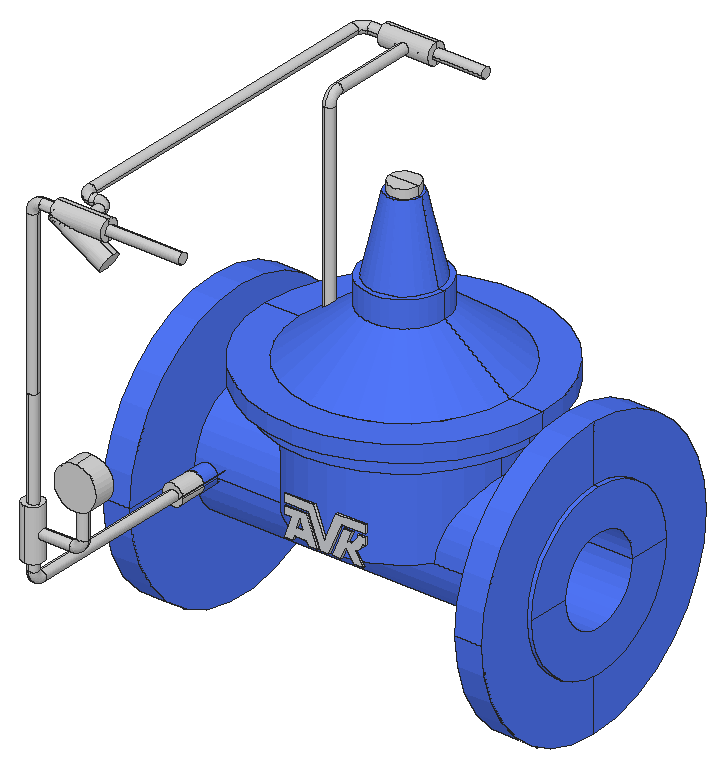
Revit family "879-106X99-001-DN50-250", category Pipe Accessories, Revit 2019
Family settings
  Round Connector Dimension = Use Diameter
  Part Type = Valve - Breaks Into
  Work Plane-Based = No
  Always vertical = Yes
  Cut with Voids When Loaded = No
  Shared = No
Parameters (values of type "879-0050-10-14400629999_DN50_PN10/16")
  W_Ref = W - Profile_Dia_2  # 246 mm
  W = size_lookup(Search_Table, "W", 0 mm, (DN))  # 252 mm
  URL product pages = "https://www.avkvalves.com/P.aspx?no=87900501014400609999"
  Top_Profile_Ref = Top_Profile + 5 mm  # 111.154 mm
  Top_Profile = Bolt_support_2 * 1.2  # 106.154 mm
  T_Height_Ref_2 = T_Height / 6  # 10.083 mm
  T_Height_Ref_1 = T_Height / 7  # 8.643 mm
  T_Height_2 = T_Height - T_Height_Ref_1  # 51.857 mm
  T_Height = H3_Ref - (Profile1_Height + Profile_height ref + D3)  # 60.5 mm
  Search_Table = "879-106X99-001-DN50-250"
  Profile_height ref = (Fillet_Length) + 35 mm  # 41 mm
  P_lenght = Pilot_Dia_2 * 1.1  # 33 mm
  PR_1 = (T_Height_Ref_2 / 2) + T_Height_Ref_1  # 13.685 mm
  PG_height_1 = (Profile1_Height + Profile_height ref + PR_1 + (PG_Dia / 2))  # 167.235 mm
  PG_height = (Profile1_Height + Profile_height ref + PR_1 + PG_Dia)  # 179.785 mm
  H = size_lookup(Search_Table, "H3", 0 mm, (DN))  # 290 mm
  Fillet_Length_Ref = Fillet_Length * 2 + Profile_Dia_2  # 18 mm
  D1 = size_lookup(Search_Table, "D1", 0 mm, (DN)) / 2  # 49.5 mm
  Profile_Dia_3 = Profile_Dia_2 * 2  # 12 mm
  Profile_Dia_2 = (Profile_Dia * 2) / 2  # 6 mm
  Profile_Dia = if(DN > 599 mm, 30 mm, if(DN > 499 mm, 25 mm, if(DN > 399 mm, 20 mm, if(DN > 349 mm, 15 mm, if(DN > 199 mm, 10 mm, if(DN > 149 mm, 8 mm, if(DN > 60 mm, 6 mm, 6 mm)))))))  # 6 mm
  Profile1_Length_2 = Profile1_Length / 1.5  # 14.865 mm
  Profile1_Length = D3 / 3.7  # 22.297 mm
  Profile1_Height = size_lookup(Search_Table, "Profile1_Height", 0 mm, (DN)) - 35 mm  # 100 mm
  Pilot_top_ref = (H3_Ref - (D3 + Body_Height_1 + Body_Height_3 + Body_Height_4 + 20 mm)) / 2  # 17.625 mm
  Pilot_top_1 = (Body_Height_1 + Body_Height_3 + Body_Height_4 + 10 mm + Pilot_top_ref)  # 173.875 mm
  Pilot_Dia_5 = Pilot_Dia_4 / 1.5  # 3.333 mm
  Pilot_Dia_4 = Pilot_Dia_3 / 2  # 5 mm
  Pilot_Dia_3 = Pilot_Dia_1 / 1.5  # 10 mm
  Pilot_Dia_2 = Pilot_Dia_1 * 2  # 30 mm
  Pilot_Dia_1 = size_lookup(Search_Table, "Pilot_Dia_1", 0 mm, (DN)) / 2  # 15 mm
  PG_ref = Body_wall_thickness + ID  # 35.1 mm
  PG_depth = Profile_Dia * 1.4  # 8.4 mm
  PG_Ref = Body_Height_1 / 1.5  # 38.333 mm
  PG_Dia = if(DN > 149 mm, ID / 1.5, if(DN > 299 mm, ID / 1, ID / 1))  # 25.1 mm
  L = size_lookup(Search_Table, "L", 0 mm, (DN))  # 230 mm
  ID = DN / 2  # 25.1 mm
  H3_Ref = size_lookup(Search_Table, "H3", 0 mm, (DN)) - Profile_Dia_2  # 284 mm
  Flange_thickness = size_lookup(Search_Table, "Flange_Thickness", 0 mm, (DN))  # 19 mm
  Fillet_Length = if(DN > 599 mm, 30 mm, if(DN > 499 mm, 25 mm, if(DN > 399 mm, 20 mm, if(DN > 349 mm, 15 mm, if(DN > 199 mm, 10 mm, if(DN > 149 mm, 8 mm, if(DN > 60 mm, 6 mm, 6 mm)))))))  # 6 mm
  D3 = size_lookup(Search_Table, "D3", 0 mm, (DN)) / 2  # 82.5 mm
  Description_ = "AVK ON/OFF FLOAT LEVEL CONTROL VALVE"
  DN = 50.2 mm
  Bottom_profile = ID / 2  # 12.55 mm
  Bolt_support_lenght_2 = Bolt_support_lenght + 10 mm  # 55.1 mm
  Bolt_support_lenght = (DN / 2) + Body_wall_thickness * 2  # 45.1 mm
  Bolt_support_Dia = Profile_Dia * 2  # 12 mm
  Bolt_support_2 = Bolt_support / 2  # 88.462 mm
  Bolt_support = L / 1.3  # 176.923 mm
  Body_wall_thickness = 10 mm  # constant formula
  Body_With_Dia_2 = L / 3.7  # 62.162 mm
  Body_With_Dia_1 = L / 4  # 57.5 mm
  Body_With_Dia = L / 8  # 28.75 mm
  Body_Top_Dia_2 = Body_Top_Dia / 1.2  # 8.595 mm
  Body_Top_Dia = L / 22.3  # 10.314 mm
  Body_Height_4 = Body_Height_2 + 15 mm  # 43.75 mm
  Body_Height_3 = size_lookup(Search_Table, "Body_Height_3", 0 mm, (DN))  # 45 mm
  Body_Height_2 = L / 8  # 28.75 mm
  Body_Height_1 = L / 4  # 57.5 mm
  Body_Flange_Dia_2 = L / 2.8  # 82.143 mm
  Body_Flange_Dia = L / 3.1  # 74.194 mm
  Body_Collar_Dia_2 = L / 11.15  # 20.628 mm
  Body_Collar_Dia = L / 9.6  # 23.958 mm
  879-0250-10-144006299A0 = "DN250_PN16"
  879-0250-10-14400629999 = "DN250_PN16"
  879-0250-10-14400619999 = "DN250_PN16"
  879-0250-10-14400609999 = "DN250_PN16"
  879-0250-10-044006299A0 = "DN250_PN10"
  879-0250-10-04400629999 = "DN250_PN10"
  879-0250-10-04400619999 = "DN250_PN10"
  879-0250-10-04400609999 = "DN250_PN10"
  879-0200-10-144006299A0 = "DN200_PN16"
  879-0200-10-14400629999 = "DN200_PN16"
  879-0200-10-14400619999 = "DN200_PN16"
  879-0200-10-14400609999 = "DN200_PN16"
  879-0200-10-044006299A0 = "DN200_PN10"
  879-0200-10-04400629999 = "DN200_PN10"
  879-0200-10-04400619999 = "DN200_PN10"
  879-0200-10-04400609999 = "DN200_PN10"
  879-0150-10-144006299A0 = "DN150_PN10/16"
  879-0150-10-14400629999 = "DN150_PN10/16"
  879-0150-10-14400619999 = "DN150_PN10/16"
  879-0150-10-14400609999 = "DN150_PN10/16"
  879-0100-10-144006299A0 = "DN100_PN10/16"
  879-0100-10-14400629999 = "DN100_PN10/16"
  879-0080-10-144006299A0 = "DN80_PN10/16"
  879-0080-10-14400629999 = "DN80_PN10/16"
  879-0065-10-144006299A0 = "DN65_PN10/16"
  879-0065-10-14400629999 = "DN65_PN10/16"
  879-0050-10-144006299A0 = "DN50_PN10/16"
  879-0050-10-14400629999 = "DN50_PN10/16"
  879-0050-10-14400619999 = "DN50_PN10/16"
  879-0050-10-14400609999 = "DN50_PN10/16"
  879-0100-10-14400619999 = "DN100_PN10/16"
  879-0100-10-14400609999 = "DN100_PN10/16"
  879-0080-10-14400619999 = "DN80_PN10/16"
  879-0080-10-14400609999 = "DN80_PN10/16"
  879-0065-10-14400619999 = "DN65_PN10/16"
  879-0065-10-14400609999 = "DN65_PN10/16"
Types (37, lengths in mm): name | W_Ref | W | Top_Profile_Ref | Top_Profile | T_Height_Ref_2 | T_Height_Ref_1 | T_Height_2 | T_Height | Profile_height ref | P_lenght | PR_1 | PG_height_1 | PG_height | H | Fillet_Length_Ref | D1 | Profile_Dia_3 | Profile_Dia_2 | Profile_Dia | Profile1_Length_2 | Profile1_Length | Profile1_Height | Pilot_top_ref | Pilot_top_1 | Pilot_Dia_5 | Pilot_Dia_4 | Pilot_Dia_3 | Pilot_Dia_2 | Pilot_Dia_1 | PG_ref | PG_depth | PG_Ref | PG_Dia | L | ID | H3_Ref | Flange_thickness | Fillet_Length | D3 | DN | Bottom_profile | Bolt_support_lenght_2 | Bolt_support_lenght | Bolt_support_Dia | Bolt_support_2 | Bolt_support | Body_With_Dia_2 | Body_With_Dia_1 | Body_With_Dia | Body_Top_Dia_2 | Body_Top_Dia | Body_Height_4 | Body_Height_3 | Body_Height_2 | Body_Height_1 | Body_Flange_Dia_2 | Body_Flange_Dia | Body_Collar_Dia_2 | Body_Collar_Dia
  (no name) | 246 | 252 | 111.154 | 106.154 | 10.083 | 8.643 | 51.857 | 60.5 | 41 | 33 | 13.685 | 167.235 | 179.785 | 290 | 18 | 49.5 | 12 | 6 | 6 | 14.865 | 22.297 | 100 | 17.625 | 173.875 | 3.333 | 5 | 10 | 30 | 15 | 35.1 | 8.4 | 38.333 | 25.1 | 230 | 25.1 | 284 | 19 | 6 | 82.5 | 50.2 | 12.55 | 55.1 | 45.1 | 12 | 88.462 | 176.923 | 62.162 | 57.5 | 28.75 | 8.595 | 10.314 | 43.75 | 45 | 28.75 | 57.5 | 82.143 | 74.194 | 20.628 | 23.958
  879-0050-10-14400609999_DN50_PN10/16 | 246 | 252 | 111.154 | 106.154 | 10.083 | 8.643 | 51.857 | 60.5 | 41 | 33 | 13.685 | 167.185 | 179.685 | 290 | 18 | 49.5 | 12 | 6 | 6 | 14.865 | 22.297 | 100 | 17.625 | 173.875 | 3.333 | 5 | 10 | 30 | 15 | 35 | 8.4 | 38.333 | 25 | 230 | 25 | 284 | 19 | 6 | 82.5 | 50 | 12.5 | 55 | 45 | 12 | 88.462 | 176.923 | 62.162 | 57.5 | 28.75 | 8.595 | 10.314 | 43.75 | 45 | 28.75 | 57.5 | 82.143 | 74.194 | 20.628 | 23.958
  879-0050-10-14400619999_DN50_PN10/16 | 246 | 252 | 111.154 | 106.154 | 8.417 | 7.214 | 43.286 | 50.5 | 41 | 33 | 11.423 | 174.948 | 187.473 | 290 | 18 | 49.5 | 12 | 6 | 6 | 14.865 | 22.297 | 110 | 15.125 | 176.375 | 3.333 | 5 | 10 | 30 | 15 | 35.05 | 8.4 | 38.333 | 25.05 | 230 | 25.05 | 284 | 19 | 6 | 82.5 | 50.1 | 12.525 | 55.05 | 45.05 | 12 | 88.462 | 176.923 | 62.162 | 57.5 | 28.75 | 8.595 | 10.314 | 43.75 | 50 | 28.75 | 57.5 | 82.143 | 74.194 | 20.628 | 23.958
  879-0050-10-14400629999_DN50_PN10/16 | 246 | 252 | 111.154 | 106.154 | 10.083 | 8.643 | 51.857 | 60.5 | 41 | 33 | 13.685 | 167.235 | 179.785 | 290 | 18 | 49.5 | 12 | 6 | 6 | 14.865 | 22.297 | 100 | 17.625 | 173.875 | 3.333 | 5 | 10 | 30 | 15 | 35.1 | 8.4 | 38.333 | 25.1 | 230 | 25.1 | 284 | 19 | 6 | 82.5 | 50.2 | 12.55 | 55.1 | 45.1 | 12 | 88.462 | 176.923 | 62.162 | 57.5 | 28.75 | 8.595 | 10.314 | 43.75 | 45 | 28.75 | 57.5 | 82.143 | 74.194 | 20.628 | 23.958
  879-0050-10-144006299A0_DN50_PN10/16 | 246 | 252 | 111.154 | 106.154 | 27.917 | 23.929 | 143.571 | 167.5 | 41 | 33 | 37.887 | 201.462 | 214.037 | 407 | 18 | 49.5 | 12 | 6 | 6 | 14.865 | 22.297 | 110 | 73.625 | 234.875 | 3.333 | 5 | 10 | 30 | 15 | 35.15 | 8.4 | 38.333 | 25.15 | 230 | 25.15 | 401 | 19 | 6 | 82.5 | 50.3 | 12.575 | 55.15 | 45.15 | 12 | 88.462 | 176.923 | 62.162 | 57.5 | 28.75 | 8.595 | 10.314 | 43.75 | 50 | 28.75 | 57.5 | 82.143 | 74.194 | 20.628 | 23.958
  879-0065-10-14400609999_DN65_PN10/16 | 269 | 275 | 138.846 | 133.846 | 8.083 | 6.929 | 41.571 | 48.5 | 41 | 38.5 | 10.97 | 185.22 | 201.47 | 305 | 18 | 59 | 12 | 6 | 6 | 16.667 | 25 | 117 | 2.375 | 194.125 | 3.889 | 5.833 | 11.667 | 35 | 17.5 | 42.5 | 8.4 | 48.333 | 32.5 | 290 | 32.5 | 299 | 19 | 6 | 92.5 | 65 | 16.25 | 62.5 | 52.5 | 12 | 111.538 | 223.077 | 78.378 | 72.5 | 36.25 | 10.837 | 13.004 | 51.25 | 58 | 36.25 | 72.5 | 103.571 | 93.548 | 26.009 | 30.208
  879-0065-10-14400619999_DN65_PN10/16 | 269 | 275 | 138.846 | 133.846 | 5.083 | 4.357 | 26.143 | 30.5 | 41 | 38.5 | 6.899 | 199.174 | 215.449 | 305 | 18 | 59 | 12 | 6 | 6 | 16.667 | 25 | 135 | 2.375 | 194.125 | 3.889 | 5.833 | 11.667 | 35 | 17.5 | 42.55 | 8.4 | 48.333 | 32.55 | 290 | 32.55 | 299 | 19 | 6 | 92.5 | 65.1 | 16.275 | 62.55 | 52.55 | 12 | 111.538 | 223.077 | 78.378 | 72.5 | 36.25 | 10.837 | 13.004 | 51.25 | 58 | 36.25 | 72.5 | 103.571 | 93.548 | 26.009 | 30.208
  879-0065-10-14400629999_DN65_PN10/16 | 269 | 275 | 138.846 | 133.846 | 8.083 | 6.929 | 41.571 | 48.5 | 41 | 38.5 | 10.97 | 185.27 | 201.57 | 305 | 18 | 59 | 12 | 6 | 6 | 16.667 | 25 | 117 | 2.375 | 194.125 | 3.889 | 5.833 | 11.667 | 35 | 17.5 | 42.6 | 8.4 | 48.333 | 32.6 | 290 | 32.6 | 299 | 19 | 6 | 92.5 | 65.2 | 16.3 | 62.6 | 52.6 | 12 | 111.538 | 223.077 | 78.378 | 72.5 | 36.25 | 10.837 | 13.004 | 51.25 | 58 | 36.25 | 72.5 | 103.571 | 93.548 | 26.009 | 30.208
  879-0065-10-144006299A0_DN65_PN10/16 | 269 | 275 | 138.846 | 133.846 | 26.917 | 23.071 | 138.429 | 161.5 | 41 | 38.5 | 36.53 | 228.855 | 245.18 | 436 | 18 | 59 | 12 | 6 | 6 | 16.667 | 25 | 135 | 60.625 | 266.875 | 3.889 | 5.833 | 11.667 | 35 | 17.5 | 42.65 | 8.4 | 48.333 | 32.65 | 290 | 32.65 | 430 | 19 | 6 | 92.5 | 65.3 | 16.325 | 62.65 | 52.65 | 12 | 111.538 | 223.077 | 78.378 | 72.5 | 36.25 | 10.837 | 13.004 | 51.25 | 72.5 | 36.25 | 72.5 | 103.571 | 93.548 | 26.009 | 30.208
  879-0080-10-14400609999_DN80_PN10/16 | 284 | 290 | 148.077 | 143.077 | 4.833 | 4.143 | 24.857 | 29 | 41 | 42.9 | 6.56 | 211.56 | 231.56 | 320 | 18 | 66 | 12 | 6 | 6 | 18.018 | 27.027 | 144 | 0.375 | 203.625 | 4.333 | 6.5 | 13 | 39 | 19.5 | 50 | 8.4 | 51.667 | 40 | 310 | 40 | 314 | 19 | 6 | 100 | 80 | 20 | 70 | 60 | 12 | 119.231 | 238.462 | 83.784 | 77.5 | 38.75 | 11.584 | 13.901 | 53.75 | 62 | 38.75 | 77.5 | 110.714 | 100 | 27.803 | 32.292
  879-0080-10-14400619999_DN80_PN10/16 | 284 | 290 | 148.077 | 143.077 | 6.667 | 5.714 | 34.286 | 40 | 41 | 42.9 | 9.048 | 203.073 | 223.098 | 320 | 18 | 66 | 12 | 6 | 6 | 18.018 | 27.027 | 133 | 0.375 | 203.625 | 4.333 | 6.5 | 13 | 39 | 19.5 | 50.05 | 8.4 | 51.667 | 40.05 | 310 | 40.05 | 314 | 19 | 6 | 100 | 80.1 | 20.025 | 70.05 | 60.05 | 12 | 119.231 | 238.462 | 83.784 | 77.5 | 38.75 | 11.584 | 13.901 | 53.75 | 62 | 38.75 | 77.5 | 110.714 | 100 | 27.803 | 32.292
  879-0080-10-14400629999_DN80_PN10/16 | 284 | 290 | 148.077 | 143.077 | 4.833 | 4.143 | 24.857 | 29 | 41 | 42.9 | 6.56 | 211.61 | 231.66 | 320 | 18 | 66 | 12 | 6 | 6 | 18.018 | 27.027 | 144 | 0.375 | 203.625 | 4.333 | 6.5 | 13 | 39 | 19.5 | 50.1 | 8.4 | 51.667 | 40.1 | 310 | 40.1 | 314 | 19 | 6 | 100 | 80.2 | 20.05 | 70.1 | 60.1 | 12 | 119.231 | 238.462 | 83.784 | 77.5 | 38.75 | 11.584 | 13.901 | 53.75 | 62 | 38.75 | 77.5 | 110.714 | 100 | 27.803 | 32.292
  879-0080-10-144006299A0_DN80_PN10/16 | 284 | 290 | 148.077 | 143.077 | 28.5 | 24.429 | 146.571 | 171 | 41 | 42.9 | 38.679 | 232.754 | 252.829 | 451 | 18 | 66 | 12 | 6 | 6 | 18.018 | 27.027 | 133 | 58.125 | 276.875 | 4.333 | 6.5 | 13 | 39 | 19.5 | 50.15 | 8.4 | 51.667 | 40.15 | 310 | 40.15 | 445 | 19 | 6 | 100 | 80.3 | 20.075 | 70.15 | 60.15 | 12 | 119.231 | 238.462 | 83.784 | 77.5 | 38.75 | 11.584 | 13.901 | 53.75 | 77.5 | 38.75 | 77.5 | 110.714 | 100 | 27.803 | 32.292
  879-0100-10-14400609999_DN100_PN10/16 | 304 | 310 | 166.538 | 161.538 | 5.5 | 4.714 | 28.286 | 33 | 41 | 48.4 | 7.464 | 223.464 | 248.464 | 340 | 18 | 78 | 12 | 6 | 6 | 19.82 | 29.73 | 150 | -0.375 | 214.375 | 4.889 | 7.333 | 14.667 | 44 | 22 | 60 | 8.4 | 58.333 | 50 | 350 | 50 | 334 | 19 | 6 | 110 | 100 | 25 | 80 | 70 | 12 | 134.615 | 269.231 | 94.595 | 87.5 | 43.75 | 13.079 | 15.695 | 58.75 | 58.5 | 43.75 | 87.5 | 125 | 112.903 | 31.39 | 36.458
  879-0100-10-14400619999_DN100_PN10/16 | 304 | 310 | 166.538 | 161.538 | 7 | 6 | 36 | 42 | 41 | 48.4 | 9.5 | 216.525 | 241.55 | 340 | 18 | 78 | 12 | 6 | 6 | 19.82 | 29.73 | 141 | -0.375 | 214.375 | 4.889 | 7.333 | 14.667 | 44 | 22 | 60.05 | 8.4 | 58.333 | 50.05 | 350 | 50.05 | 334 | 19 | 6 | 110 | 100.1 | 25.025 | 80.05 | 70.05 | 12 | 134.615 | 269.231 | 94.595 | 87.5 | 43.75 | 13.079 | 15.695 | 58.75 | 58.5 | 43.75 | 87.5 | 125 | 112.903 | 31.39 | 36.458
  879-0100-10-14400629999_DN100_PN10/16 | 304 | 310 | 166.538 | 161.538 | 5.5 | 4.714 | 28.286 | 33 | 41 | 48.4 | 7.464 | 223.514 | 248.564 | 340 | 18 | 78 | 12 | 6 | 6 | 19.82 | 29.73 | 150 | -0.375 | 214.375 | 4.889 | 7.333 | 14.667 | 44 | 22 | 60.1 | 8.4 | 58.333 | 50.1 | 350 | 50.1 | 334 | 19 | 6 | 110 | 100.2 | 25.05 | 80.1 | 70.1 | 12 | 134.615 | 269.231 | 94.595 | 87.5 | 43.75 | 13.079 | 15.695 | 58.75 | 58.5 | 43.75 | 87.5 | 125 | 112.903 | 31.39 | 36.458
  879-0100-10-144006299A0_DN100_PN10/16 | 304 | 310 | 166.538 | 161.538 | 29.333 | 25.143 | 150.857 | 176 | 41 | 48.4 | 39.81 | 246.885 | 271.96 | 474 | 18 | 78 | 12 | 6 | 6 | 19.82 | 29.73 | 141 | 60.875 | 287.125 | 4.889 | 7.333 | 14.667 | 44 | 22 | 60.15 | 8.4 | 58.333 | 50.15 | 350 | 50.15 | 468 | 19 | 6 | 110 | 100.3 | 25.075 | 80.15 | 70.15 | 12 | 134.615 | 269.231 | 94.595 | 87.5 | 43.75 | 13.079 | 15.695 | 58.75 | 70 | 43.75 | 87.5 | 125 | 112.903 | 31.39 | 36.458
  879-0150-10-14400609999_DN150_PN10/16 | 367 | 375 | 226.538 | 221.538 | 14.417 | 12.357 | 74.143 | 86.5 | 43 | 68.2 | 19.565 | 282.565 | 307.565 | 475 | 24 | 105.5 | 16 | 8 | 8 | 25.676 | 38.514 | 195 | 24.75 | 289.75 | 6.889 | 10.333 | 20.667 | 62 | 31 | 85 | 11.2 | 80 | 50 | 480 | 75 | 467 | 19 | 8 | 142.5 | 150 | 37.5 | 105 | 95 | 16 | 184.615 | 369.231 | 129.73 | 120 | 60 | 17.937 | 21.525 | 75 | 60 | 60 | 120 | 171.429 | 154.839 | 43.049 | 50
  879-0150-10-14400619999_DN150_PN10/16 | 367 | 375 | 226.538 | 221.538 | 14.417 | 12.357 | 74.143 | 86.5 | 43 | 68.2 | 19.565 | 282.582 | 307.599 | 475 | 24 | 105.5 | 16 | 8 | 8 | 25.676 | 38.514 | 195 | 20.75 | 293.75 | 6.889 | 10.333 | 20.667 | 62 | 31 | 85.05 | 11.2 | 80 | 50.033 | 480 | 75.05 | 467 | 19 | 8 | 142.5 | 150.1 | 37.525 | 105.05 | 95.05 | 16 | 184.615 | 369.231 | 129.73 | 120 | 60 | 17.937 | 21.525 | 75 | 68 | 60 | 120 | 171.429 | 154.839 | 43.049 | 50
  879-0150-10-14400629999_DN150_PN10/16 | 367 | 375 | 226.538 | 221.538 | 14.417 | 12.357 | 74.143 | 86.5 | 43 | 68.2 | 19.565 | 282.599 | 307.632 | 475 | 24 | 105.5 | 16 | 8 | 8 | 25.676 | 38.514 | 195 | 24.75 | 289.75 | 6.889 | 10.333 | 20.667 | 62 | 31 | 85.1 | 11.2 | 80 | 50.067 | 480 | 75.1 | 467 | 19 | 8 | 142.5 | 150.2 | 37.55 | 105.1 | 95.1 | 16 | 184.615 | 369.231 | 129.73 | 120 | 60 | 17.937 | 21.525 | 75 | 60 | 60 | 120 | 171.429 | 154.839 | 43.049 | 50
  879-0150-10-144006299A0_DN150_PN10/16 | 367 | 375 | 226.538 | 221.538 | 36.417 | 31.214 | 187.286 | 218.5 | 43 | 68.2 | 49.423 | 312.473 | 337.523 | 607 | 24 | 105.5 | 16 | 8 | 8 | 25.676 | 38.514 | 195 | 86.75 | 359.75 | 6.889 | 10.333 | 20.667 | 62 | 31 | 85.15 | 11.2 | 80 | 50.1 | 480 | 75.15 | 599 | 19 | 8 | 142.5 | 150.3 | 37.575 | 105.15 | 95.15 | 16 | 184.615 | 369.231 | 129.73 | 120 | 60 | 17.937 | 21.525 | 75 | 68 | 60 | 120 | 171.429 | 154.839 | 43.049 | 50
  879-0200-10-04400609999_DN200_PN10 | 430 | 440 | 281.923 | 276.923 | 21.167 | 18.143 | 108.857 | 127 | 45 | 84.7 | 28.726 | 345.06 | 378.393 | 590 | 30 | 133 | 20 | 10 | 10 | 30.631 | 45.946 | 238 | 37.5 | 362.5 | 8.556 | 12.833 | 25.667 | 77 | 38.5 | 110 | 14 | 100 | 66.667 | 600 | 100 | 580 | 20 | 10 | 170 | 200 | 50 | 130 | 120 | 20 | 230.769 | 461.538 | 162.162 | 150 | 75 | 22.422 | 26.906 | 90 | 75 | 75 | 150 | 214.286 | 193.548 | 53.812 | 62.5
  879-0200-10-04400619999_DN200_PN10 | 430 | 440 | 281.923 | 276.923 | 20.833 | 17.857 | 107.143 | 125 | 45 | 84.7 | 28.274 | 346.624 | 379.974 | 590 | 30 | 133 | 20 | 10 | 10 | 30.631 | 45.946 | 240 | 25 | 375 | 8.556 | 12.833 | 25.667 | 77 | 38.5 | 110.05 | 14 | 100 | 66.7 | 600 | 100.05 | 580 | 20 | 10 | 170 | 200.1 | 50.025 | 130.05 | 120.05 | 20 | 230.769 | 461.538 | 162.162 | 150 | 75 | 22.422 | 26.906 | 90 | 100 | 75 | 150 | 214.286 | 193.548 | 53.812 | 62.5
  879-0200-10-04400629999_DN200_PN10 | 430 | 440 | 281.923 | 276.923 | 21.167 | 18.143 | 108.857 | 127 | 45 | 84.7 | 28.726 | 345.093 | 378.46 | 590 | 30 | 133 | 20 | 10 | 10 | 30.631 | 45.946 | 238 | 37.5 | 362.5 | 8.556 | 12.833 | 25.667 | 77 | 38.5 | 110.1 | 14 | 100 | 66.733 | 600 | 100.1 | 580 | 20 | 10 | 170 | 200.2 | 50.05 | 130.1 | 120.1 | 20 | 230.769 | 461.538 | 162.162 | 150 | 75 | 22.422 | 26.906 | 90 | 75 | 75 | 150 | 214.286 | 193.548 | 53.812 | 62.5
  879-0200-10-044006299A0_DN200_PN10 | 430 | 440 | 281.923 | 276.923 | 51.5 | 44.143 | 264.857 | 309 | 45 | 84.7 | 69.893 | 388.276 | 421.66 | 774 | 30 | 133 | 20 | 10 | 10 | 30.631 | 45.946 | 240 | 124 | 460 | 8.556 | 12.833 | 25.667 | 77 | 38.5 | 110.15 | 14 | 100 | 66.767 | 600 | 100.15 | 764 | 20 | 10 | 170 | 200.3 | 50.075 | 130.15 | 120.15 | 20 | 230.769 | 461.538 | 162.162 | 150 | 75 | 22.422 | 26.906 | 90 | 86 | 75 | 150 | 214.286 | 193.548 | 53.812 | 62.5
  879-0200-10-14400609999_DN200_PN16 | 430 | 440 | 281.923 | 276.923 | 21.167 | 18.143 | 108.857 | 127 | 45 | 84.7 | 28.726 | 345.126 | 378.526 | 590 | 30 | 133 | 20 | 10 | 10 | 30.631 | 45.946 | 238 | 37.5 | 362.5 | 8.556 | 12.833 | 25.667 | 77 | 38.5 | 110.2 | 14 | 100 | 66.8 | 600 | 100.2 | 580 | 20 | 10 | 170 | 200.4 | 50.1 | 130.2 | 120.2 | 20 | 230.769 | 461.538 | 162.162 | 150 | 75 | 22.422 | 26.906 | 90 | 75 | 75 | 150 | 214.286 | 193.548 | 53.812 | 62.5
  879-0200-10-14400619999_DN200_PN16 | 430 | 440 | 281.923 | 276.923 | 20.833 | 17.857 | 107.143 | 125 | 45 | 84.7 | 28.274 | 346.69 | 380.107 | 590 | 30 | 133 | 20 | 10 | 10 | 30.631 | 45.946 | 240 | 25 | 375 | 8.556 | 12.833 | 25.667 | 77 | 38.5 | 110.25 | 14 | 100 | 66.833 | 600 | 100.25 | 580 | 20 | 10 | 170 | 200.5 | 50.125 | 130.25 | 120.25 | 20 | 230.769 | 461.538 | 162.162 | 150 | 75 | 22.422 | 26.906 | 90 | 100 | 75 | 150 | 214.286 | 193.548 | 53.812 | 62.5
  879-0200-10-14400629999_DN200_PN16 | 430 | 440 | 281.923 | 276.923 | 21.167 | 18.143 | 108.857 | 127 | 45 | 84.7 | 28.726 | 345.16 | 378.593 | 590 | 30 | 133 | 20 | 10 | 10 | 30.631 | 45.946 | 238 | 37.5 | 362.5 | 8.556 | 12.833 | 25.667 | 77 | 38.5 | 110.3 | 14 | 100 | 66.867 | 600 | 100.3 | 580 | 20 | 10 | 170 | 200.6 | 50.15 | 130.3 | 120.3 | 20 | 230.769 | 461.538 | 162.162 | 150 | 75 | 22.422 | 26.906 | 90 | 75 | 75 | 150 | 214.286 | 193.548 | 53.812 | 62.5
  879-0200-10-144006299A0_DN200_PN16 | 430 | 440 | 281.923 | 276.923 | 51.5 | 44.143 | 264.857 | 309 | 45 | 84.7 | 69.893 | 388.343 | 421.793 | 774 | 30 | 133 | 20 | 10 | 10 | 30.631 | 45.946 | 240 | 124 | 460 | 8.556 | 12.833 | 25.667 | 77 | 38.5 | 110.35 | 14 | 100 | 66.9 | 600 | 100.35 | 764 | 20 | 10 | 170 | 200.7 | 50.175 | 130.35 | 120.35 | 20 | 230.769 | 461.538 | 162.162 | 150 | 75 | 22.422 | 26.906 | 90 | 86 | 75 | 150 | 214.286 | 193.548 | 53.812 | 62.5
  879-0250-10-04400609999_DN250_PN10 | 505 | 515 | 341.923 | 336.923 | 20.917 | 17.929 | 107.571 | 125.5 | 45 | 101.2 | 28.387 | 407.054 | 448.72 | 670 | 30 | 159.5 | 20 | 10 | 10 | 35.586 | 53.378 | 292 | 36.375 | 416.125 | 10.222 | 15.333 | 30.667 | 92 | 46 | 135 | 14 | 121.667 | 83.333 | 730 | 125 | 660 | 22 | 10 | 197.5 | 250 | 62.5 | 155 | 145 | 20 | 280.769 | 561.538 | 197.297 | 182.5 | 91.25 | 27.28 | 32.735 | 106.25 | 81 | 91.25 | 182.5 | 260.714 | 235.484 | 65.471 | 76.042
  879-0250-10-04400619999_DN250_PN10 | 505 | 515 | 341.923 | 336.923 | 20.417 | 17.5 | 105 | 122.5 | 45 | 101.2 | 27.708 | 409.392 | 451.075 | 670 | 30 | 159.5 | 20 | 10 | 10 | 35.586 | 53.378 | 295 | 24.625 | 427.875 | 10.222 | 15.333 | 30.667 | 92 | 46 | 135.05 | 14 | 121.667 | 83.367 | 730 | 125.05 | 660 | 22 | 10 | 197.5 | 250.1 | 62.525 | 155.05 | 145.05 | 20 | 280.769 | 561.538 | 197.297 | 182.5 | 91.25 | 27.28 | 32.735 | 106.25 | 104.5 | 91.25 | 182.5 | 260.714 | 235.484 | 65.471 | 76.042
  879-0250-10-04400629999_DN250_PN10 | 505 | 515 | 341.923 | 336.923 | 19.583 | 16.786 | 100.714 | 117.5 | 45 | 103.4 | 26.577 | 413.277 | 454.977 | 670 | 30 | 159.5 | 20 | 10 | 10 | 35.586 | 53.378 | 300 | 36.375 | 416.125 | 10.444 | 15.667 | 31.333 | 94 | 47 | 135.1 | 14 | 121.667 | 83.4 | 730 | 125.1 | 660 | 22 | 10 | 197.5 | 250.2 | 62.55 | 155.1 | 145.1 | 20 | 280.769 | 561.538 | 197.297 | 182.5 | 91.25 | 27.28 | 32.735 | 106.25 | 81 | 91.25 | 182.5 | 260.714 | 235.484 | 65.471 | 76.042
  879-0250-10-044006299A0_DN250_PN10 | 505 | 515 | 341.923 | 336.923 | 47.75 | 40.929 | 245.571 | 286.5 | 45 | 103.4 | 64.804 | 466.52 | 508.237 | 854 | 30 | 159.5 | 20 | 10 | 10 | 35.586 | 53.378 | 315 | 128.375 | 508.125 | 10.444 | 15.667 | 31.333 | 94 | 47 | 135.15 | 14 | 121.667 | 83.433 | 730 | 125.15 | 844 | 22 | 10 | 197.5 | 250.3 | 62.575 | 155.15 | 145.15 | 20 | 280.769 | 561.538 | 197.297 | 182.5 | 91.25 | 27.28 | 32.735 | 106.25 | 81 | 91.25 | 182.5 | 260.714 | 235.484 | 65.471 | 76.042
  879-0250-10-14400609999_DN250_PN16 | 505 | 515 | 341.923 | 336.923 | 20.083 | 17.214 | 103.286 | 120.5 | 45 | 101.2 | 27.256 | 405.989 | 447.723 | 670 | 30 | 159.5 | 20 | 10 | 10 | 36.486 | 54.73 | 292 | 33.875 | 413.625 | 10.222 | 15.333 | 30.667 | 92 | 46 | 135.2 | 14 | 121.667 | 83.467 | 730 | 125.2 | 660 | 22 | 10 | 202.5 | 250.4 | 62.6 | 155.2 | 145.2 | 20 | 280.769 | 561.538 | 197.297 | 182.5 | 91.25 | 27.28 | 32.735 | 106.25 | 81 | 91.25 | 182.5 | 260.714 | 235.484 | 65.471 | 76.042
  879-0250-10-14400619999_DN250_PN16 | 505 | 515 | 341.923 | 336.923 | 19.583 | 16.786 | 100.714 | 117.5 | 45 | 101.2 | 26.577 | 408.327 | 450.077 | 670 | 30 | 159.5 | 20 | 10 | 10 | 36.486 | 54.73 | 295 | 22.125 | 425.375 | 10.222 | 15.333 | 30.667 | 92 | 46 | 135.25 | 14 | 121.667 | 83.5 | 730 | 125.25 | 660 | 22 | 10 | 202.5 | 250.5 | 62.625 | 155.25 | 145.25 | 20 | 280.769 | 561.538 | 197.297 | 182.5 | 91.25 | 27.28 | 32.735 | 106.25 | 104.5 | 91.25 | 182.5 | 260.714 | 235.484 | 65.471 | 76.042
  879-0250-10-14400629999_DN250_PN16 | 505 | 515 | 341.923 | 336.923 | 18.75 | 16.071 | 96.429 | 112.5 | 45 | 103.4 | 25.446 | 412.213 | 453.98 | 670 | 30 | 159.5 | 20 | 10 | 10 | 36.486 | 54.73 | 300 | 33.875 | 413.625 | 10.444 | 15.667 | 31.333 | 94 | 47 | 135.3 | 14 | 121.667 | 83.533 | 730 | 125.3 | 660 | 22 | 10 | 202.5 | 250.6 | 62.65 | 155.3 | 145.3 | 20 | 280.769 | 561.538 | 197.297 | 182.5 | 91.25 | 27.28 | 32.735 | 106.25 | 81 | 91.25 | 182.5 | 260.714 | 235.484 | 65.471 | 76.042
  879-0250-10-144006299A0_DN250_PN16 | 505 | 515 | 341.923 | 336.923 | 46.917 | 40.214 | 241.286 | 281.5 | 45 | 103.4 | 63.673 | 465.456 | 507.239 | 854 | 30 | 159.5 | 20 | 10 | 10 | 36.486 | 54.73 | 315 | 125.875 | 505.625 | 10.444 | 15.667 | 31.333 | 94 | 47 | 135.35 | 14 | 121.667 | 83.567 | 730 | 125.35 | 844 | 22 | 10 | 202.5 | 250.7 | 62.675 | 155.35 | 145.35 | 20 | 280.769 | 561.538 | 197.297 | 182.5 | 91.25 | 27.28 | 32.735 | 106.25 | 81 | 91.25 | 182.5 | 260.714 | 235.484 | 65.471 | 76.042
Reference planes
  plane 1 "Center (Front/Back)": y = 0
  plane 2: z = 0
  plane 3 "Center (Left/Right)": x = 0
  plane 4: x = -88.462
  plane 5: y = -87.952
  plane 6: x = 59.766
  plane 7: x = 45.835
  plane 8: x = 88.462
  plane 9: y = -157.5
  plane 10: z = 6
  plane 11: y = -163.5
  plane 12: z = 100
  plane 13: y = -157.5
  plane 14: z = 94
  plane 15: y = -60.203
  plane 16: y = 82.5
  plane 17: y = -82.5
  plane 18: z = 100
  plane 19: y = 60.203
  plane 20: x = -28.75
  plane 21: z = 201.5
  plane 22: y = -92.184
  plane 23: y = 43.095
  plane 24: y = -37.905
  plane 25: y = -31.905
  plane 26: z = -82.5
  plane 27: y = -116.576
  plane 28: y = -144.597
  plane 29: x = 30.208
  plane 30: y = -86.869
  plane 31: y = 82.5
  plane 32: y = -103.747
  plane 33: y = -83.401
  plane 34: y = -163.5
  plane 35: y = -184.1
  plane 36: z = 2.25
  plane 37: x = 23.958
  plane 38: x = 29.958
  plane 39: x = 35.958
  plane 40: x = 82.462
  plane 41: x = 76.462
  plane 42: z = 6
  plane 43: z = 16.2
  plane 44: y = -187.5
  plane 45: x = -115
  plane 46: x = 115
  plane 47: y = 59
  plane 48: y = -59
  plane 49: y = -163.5
  plane 50: z = 238
  plane 51: x = -176.615
  plane 52: z = 230
  plane 53: z = 238
  plane 54: z = 141
  plane 55: x = 28.75
  plane 56: x = -58.606
  plane 57: y = 4.2
  plane 58: y = -4.2
  plane 59: z = 154.685
  plane 60: y = -45.1
  plane 61: y = -25.905
  plane 62: z = 6
  plane 63: z = 12
  plane 64: z = 27
  plane 65: z = 42
  plane 66: y = 49.5
  plane 67: y = -49.5
  plane 68: y = 41.25
  plane 69: x = -82.462
  plane 70: z = 195.5
  plane 71: x = -73.534
  plane 72: y = -145.5
  plane 73: x = -64.606
  plane 74: x = -67.534
  plane 75: y = -151.5
  plane 76: y = -139.5
  plane 77: y = 60.203
  plane 78: x = -44.231
  plane 79: y = 6
  plane 80: z = 195.5
  plane 81: x = -64.606
  plane 82: z = 33
  plane 83: y = -188
  plane 84: y = -198
  plane 85: y = -169.5
  plane 86: y = -60.1
  plane 87: z = 207.5
  plane 88: x = -67.534
  plane 89: y = 54.203
Forms (mm)
  Revolve 1, solid, material "Plastic"
    sketch origin (0, 0, 0) x (1, 0, 0) y (0, 1, 0)
      loop
        line (-96, 82.5) -> (-115, 82.5) -> (-115, 25.1) -> (115, 25.1) -> (115, 82.5) -> (96, 82.5) -> (96, 35.1) -> (-96, 35.1) -> (-96, 82.5)
      axis (-115, 0) -> (115, 0)
    angle from 0 to 360
  Revolve 2, solid, material "Plastic"
    sketch origin (0, 0, 0) x (1, 0, 0) y (0, 0, 1)
      loop
        line (0, 0) -> (57.5, 0) -> (57.5, 57.5) -> (74.194, 57.5) -> (74.194, 67.427) -> (82.143, 67.427) -> (82.143, 77.427) -> (62.162, 77.427) -> (23.958, 106.177) -> (23.958, 121.177) -> (20.628, 121.177) -> (10.314, 166.177) -> (0, 166.177) -> (0, 0)
      axis (0, 0) -> (0, 166.177)
    angle from 0 to 360
  Revolve 3, solid, material "Stainless Steel AISI 304"
    sketch origin (0, 0, 0) x (1, 0, 0) y (0, 0, 1)
      loop
        line (0, 166.177) -> (8.595, 166.177) -> (8.595, 171.177) -> (0, 171.177) -> (0, 166.177)
      axis (0, 166.177) -> (0, 171.177)
    angle from 0 to 360
  Sweep 4, solid, material "Stainless Steel AISI 304"
    path origin (-88.462, -1524, 15.862) x (0, 0, 1) y (0, -1, 0)
      loop
        line (-15.862, -1524) -> (-15.862, -1366.5)
        arc (-15.862, -1366.5) -> (-14.104, -1362.257) -> (-9.862, -1360.5) r 6
        line (-9.862, -1360.5) -> (84.138, -1360.5)
    profile origin (-88.462, -78.75, 0) x (0, 0, -1) y (1, 0, 0)
      loop
        circle (0, 0) r 3
  Extrusion 5, solid, material "Plastic"
    sketch origin (0, 0, 0) x (1, 0, 0) y (0, 0, 1)
      loop
        circle (-88.462, 0) r 6
      loop
        circle (88.462, 0) r 6
    from 0 to 45.1
  Revolve 6, void
    sketch origin (0, 0, 0) x (1, 0, 0) y (0, 0, 1)
      loop
        line (-115, 82.5) -> (-115, 49.5) -> (-112, 49.5) -> (-112, 82.5) -> (-115, 82.5)
      loop
        line (115, 82.5) -> (112, 82.5) -> (112, 49.5) -> (115, 49.5) -> (115, 82.5)
      axis (-115, 0) -> (115, 0)
    angle from 0 to 360
  Revolve 7, void
    sketch origin (0, 0, 0) x (1, 0, 0) y (0, 0, 1)
      loop
        line (-115, 25.1) -> (-115, 0) -> (115, 0) -> (115, 25.1) -> (-115, 25.1)
      axis (-115, 0) -> (115, 0)
    angle from 0 to 360
  Sweep 8, solid, material "Stainless Steel AISI 304"
    path origin (0, -163.5, -142.016) x (0, 0, -1) y (-1, 0, 0)
      loop
        line (-242.016, 88.462) -> (-337.516, 88.462)
        arc (-337.516, 88.462) -> (-341.759, 86.704) -> (-343.516, 82.462) r 6
        line (-343.516, 82.462) -> (-343.516, 0)
    profile origin (-41.231, -163.5, 201.5) x (0, 0, -1) y (0, 1, 0)
      loop
        circle (0, 0) r 3
  Revolve 9, solid, material "Stainless Steel AISI 304"
    sketch origin (0, -163.5, -142.016) x (0, 0, -1) y (-1, 0, 0)
      loop
        line (-337.516, 73.606) -> (-343.516, 73.606) -> (-343.516, 43.606) -> (-337.516, 43.606) -> (-337.516, 73.606)
      axis (-343.516, 73.606) -> (-343.516, 43.606)
    angle from 0 to 360
  Sweep 10, solid, material "Stainless Steel AISI 304"
    path origin (0, -163.5, -142.016) x (0, 0, -1) y (-1, 0, 0)
      loop
        line (-343.516, 73.606) -> (-326.196, 43.606)
    profile origin (-58.606, -163.5, 192.84) x (-0.5, 0, -0.866025) y (0, 1, 0)
      loop
        circle (0, 0) r 6
  Extrusion 11, solid, material "Stainless Steel AISI 304"
    sketch origin (27.156, -1524, 154.685) x (0, -1, 0) y (-1, 0, 0)
      loop
        circle (-1360.5, 115.617) r 6
    from 112.685 to 142.685
  Sweep 12, solid, material "Stainless Steel AISI 304"
    path origin (23.944, -1524, 201.5) x (-1, 0, 0) y (0, -1, 0)
      loop
        line (82.55, -1360.5) -> (82.55, -1372.5)
        arc (82.55, -1372.5) -> (84.307, -1376.743) -> (88.55, -1378.5) r 6
        line (88.55, -1378.5) -> (91.478, -1378.5)
        arc (91.478, -1378.5) -> (95.72, -1380.257) -> (97.478, -1384.5) r 6
        line (97.478, -1384.5) -> (97.478, -1578.203)
        arc (97.478, -1578.203) -> (95.72, -1582.445) -> (91.478, -1584.203) r 6
        line (91.478, -1584.203) -> (23.944, -1584.203)
    profile origin (-58.606, -157.5, 201.5) x (-1, 0, 0) y (0, 0, 1)
      loop
        circle (0, 0) r 3
  Revolve 13, solid, material "Stainless Steel AISI 304"
    sketch origin (-340.328, 60.203, 1200) x (-1, 0, 0) y (0, 0, 1)
      loop
        line (-281.097, -998.5) -> (-281.097, -992.5) -> (-311.097, -992.5) -> (-311.097, -998.5) -> (-281.097, -998.5)
      axis (-281.097, -998.5) -> (-311.097, -998.5)
    angle from 0 to 360
  Sweep 14, solid, material "Stainless Steel AISI 304"
    path origin (-44.231, -1524, 654.927) x (0, 0, -1) y (0, -1, 0)
      loop
        line (453.427, -1584.203) -> (453.427, -1530)
        arc (453.427, -1530) -> (455.184, -1525.757) -> (459.427, -1524) r 6
        line (459.427, -1524) -> (587.5, -1524)
    profile origin (-44.231, 33.101, 201.5) x (0, 0, 1) y (-1, 0, 0)
      loop
        circle (0, 0) r 3
  Sweep 15, solid, material "Stainless Steel AISI 304"
    path origin (0, -163.5, -142.016) x (0, 0, -1) y (-1, 0, 0)
      loop
        line (-169.016, 88.462) -> (-169.016, 64.606)
        arc (-169.016, 64.606) -> (-170.774, 60.363) -> (-175.016, 58.606) r 6
        line (-175.016, 58.606) -> (-204.116, 58.606)
    profile origin (-76.534, -163.5, 27) x (0, 0, -1) y (0, 1, 0)
      loop
        circle (0, 0) r 3
  Extrusion 16, solid, material "Stainless Steel AISI 304"
    sketch origin (0, -163.5, -142.016) x (0, 0, -1) y (-1, 0, 0)
      loop
        circle (-204.116, 58.606) r 12.55
    from -6 to 6
  Extrusion 17, solid, material "Stainless Steel AISI 304"
    sketch origin (0, -163.5, -142.016) x (0, 0, -1) y (-1, 0, 0)
      loop
        circle (-142.016, 88.462) r 6
      loop
        circle (-142.016, -88.462) r 6
    from 103.4 to 118.4
Cuts and joins
  Revolve 6 cuts Revolve 1
  Revolve 7 cuts Revolve 2
  Revolve 7 cuts Sweep 4
  Revolve 7 cuts Extrusion 5
Dimensions and locks
  equal spacing: Revolve 1 sketch curve, plane 3 "Center (Left/Right)", Revolve 1 sketch curve
  locked: Revolve 1 sketch curve to Revolve 1 sketch curve at 10
  "Flange_thickness": Revolve 1 sketch curve to Revolve 1 sketch curve  (x2)
  "ID": plane 1 "Center (Front/Back)" to Revolve 1 sketch curve
  "L": Revolve 1 sketch curve to Revolve 1 sketch curve
  "Body_With_Dia_1": Revolve 2 sketch curve to plane 3 "Center (Left/Right)"
  "Body_Flange_Dia": Revolve 2 sketch curve to plane 3 "Center (Left/Right)"
  "Body_Flange_Dia_2": Revolve 2 sketch curve to plane 3 "Center (Left/Right)"
  "Body_Collar_Dia": Revolve 2 sketch curve to plane 3 "Center (Left/Right)"
  "Body_Collar_Dia_2": Revolve 2 sketch curve to plane 3 "Center (Left/Right)"
  "Body_Top_Dia": Revolve 2 sketch curve to plane 3 "Center (Left/Right)"
  "Body_Height_1": Revolve 2 sketch curve to level
  locked: Revolve 2 sketch curve to Revolve 2 sketch curve at 9.927
  locked: Revolve 2 sketch curve to Revolve 2 sketch curve at 10
  "Body_Height_2": Revolve 2 sketch curve to Revolve 2 sketch curve
  "Body_Height_3": Revolve 2 sketch curve to Revolve 2 sketch curve
  "Body_Height_4": Revolve 2 sketch curve to Revolve 2 sketch curve
  "Body_With_Dia_2": Revolve 2 sketch curve to plane 3 "Center (Left/Right)"
  "D3": plane 1 "Center (Front/Back)" to Revolve 1 sketch curve
  equal spacing: Extrusion 5 sketch curve, plane 3 "Center (Left/Right)", Extrusion 5 sketch curve
  "Bolt_support": Extrusion 5 sketch curve to Extrusion 5 sketch curve
  equal spacing: plane 8, plane 3 "Center (Left/Right)", plane 4
  "Bolt_support": plane 8 to plane 4
  "Bolt_support_2": plane 3 "Center (Left/Right)" to Sweep 4 sketch curve
  "Fillet_Length": plane 9 to plane 11
  "Fillet_Length": plane 10 to level
  "Fillet_Length": plane 14 to plane 12
  "Fillet_Length": plane 13 to plane 11
  "Profile1_Height": plane 12 to level
  equal spacing: plane 17, plane 1 "Center (Front/Back)", plane 16
  "D3": plane 17 to plane 1 "Center (Front/Back)"
  "Profile1_Length": plane 15 to plane 17
  "Profile1_Length": plane 19 to plane 16
  "Profile1_Height": plane 18 to level
  "Body_With_Dia": plane 20 to plane 3 "Center (Left/Right)"
  equal spacing: plane 23, plane 15, plane 11
  "Profile1_Length": plane 24 to plane 15
  "Fillet_Length": plane 24 to plane 25
  "D3": level to plane 26
  "H3_Ref": plane 21 to plane 26
  locked: Revolve 3 sketch curve to Revolve 2 at 5
  "Body_Top_Dia_2": Revolve 3 sketch curve to plane 3 "Center (Left/Right)"
  "D3": Revolve 6 sketch curve to level
  "D1": Revolve 6 sketch curve to level
  locked: cut or joined group of Revolve 1, Revolve 6 to Revolve 6 sketch curve at 3
  locked: Revolve 6 sketch curve to cut or joined group of Revolve 1, Revolve 6 at 3
  "Body_Collar_Dia": plane 37 to plane 3 "Center (Left/Right)"
  "Fillet_Length": plane 37 to plane 38
  "Fillet_Length": plane 39 to plane 38
  "Fillet_Length": plane 40 to plane 8
  "Fillet_Length": plane 40 to plane 41
  "Fillet_Length": plane 42 to level
  plane 43 to level = 16.2 mm
  "ID": Revolve 7 sketch curve to level
  "W_Ref": plane 11 to plane 16
  "W_Ref": plane 16 to plane 34
  equal spacing: plane 46, plane 3 "Center (Left/Right)", plane 45
  "L": plane 46 to plane 45
  plane 17 to plane 16 = 165 mm
  equal spacing: plane 48, plane 1 "Center (Front/Back)", plane 47
  plane 48 to plane 47 = 118 mm
  "W_Ref": plane 16 to plane 49
  "Profile_height ref": plane 54 to plane 18
  "Body_With_Dia": plane 3 "Center (Left/Right)" to plane 55
  equal spacing: plane 4, plane 56, plane 20
  equal spacing: plane 57, plane 1 "Center (Front/Back)", plane 58
  "PG_depth": plane 57 to plane 58
  "PR_1": plane 59 to plane 54
  equal spacing: Revolve 9 sketch curve, plane 56, Revolve 9 sketch curve
  "Pilot_Dia_1": Revolve 9 sketch curve to plane 56
  "Bolt_support_lenght": plane 1 "Center (Front/Back)" to plane 60
  "Fillet_Length": plane 61 to plane 25
  equal spacing: plane 63, plane 62, level
  "Fillet_Length": plane 63 to plane 62
  equal spacing: plane 65, plane 64, plane 63
  "Pilot_Dia_1": plane 65 to plane 64
  plane 16 to plane 17 = 165 mm
  plane 66 to plane 67 = 99 mm
  equal spacing: plane 1 "Center (Front/Back)", plane 68, plane 16
  "Bolt_support": Extrusion 11 sketch curve to plane 8
  "Fillet_Length": plane 21 to plane 70
  "Fillet_Length": plane 69 to plane 4
  "Profile_Dia_2": plane 21 to Revolve 9 sketch curve
  equal spacing: plane 4, plane 71, plane 56
  "Fillet_Length_Ref": plane 72 to plane 49
  "Fillet_Length": plane 72 to plane 75
  "Fillet_Length": plane 73 to plane 56
  "Fillet_Length": plane 71 to plane 74
  "Fillet_Length": plane 76 to plane 72
  equal spacing: plane 3 "Center (Left/Right)", plane 78, plane 4
  "Pilot_Dia_1": plane 78 to Revolve 13 sketch curve
  "Profile_Dia_2": Revolve 13 sketch curve to plane 21
  equal spacing: Revolve 13 sketch curve, plane 78, Revolve 13 sketch curve
  "Fillet_Length": plane 1 "Center (Front/Back)" to plane 79
  "Fillet_Length": plane 21 to plane 80
  "Fillet_Length": plane 56 to plane 81
  "Fillet_Length": plane 82 to plane 64
  "W": plane 85 to plane 16
  "Profile_Dia_2": plane 49 to Extrusion 16
  "PG_ref": Sweep 15 sketch curve to plane 64
  "PG_ref": Extrusion 16 sketch curve to plane 64
  "Pilot_Dia_1": plane 86 to plane 60
  "H": plane 87 to plane 26
  plane 67 to plane 66 = 99 mm
  equal spacing: plane 77, plane 1 "Center (Front/Back)", plane 15
  "Fillet_Length": plane 71 to plane 88
  "Fillet_Length": plane 89 to plane 77
  "Profile_Dia": diameter of Sweep 4 sketch curve
  "Bolt_support_Dia": diameter of Extrusion 5 sketch curve  (x2)
  "Profile_Dia": diameter of Sweep 8 sketch curve
  "Profile_Dia_3": diameter of Sweep 10 sketch curve
  "Profile_Dia_2": radius of Extrusion 11 sketch curve
  "Profile_Dia": diameter of Sweep 12 sketch curve
  "Profile_Dia": diameter of Sweep 14 sketch curve
  "Profile_Dia": diameter of Sweep 15 sketch curve
  "PG_Dia": diameter of Extrusion 16 sketch curve
  locked: Sweep 10 sketch curve to plane 21 (angle 30.00°)
  aligned and locked: level to plane 2
  aligned and locked: Revolve 1 sketch curve to Revolve 1 sketch curve
  aligned and locked: plane 1 "Center (Front/Back)" to Revolve 1 sketch curve
  aligned and locked: Revolve 2 sketch curve to Revolve 2 sketch curve
  aligned and locked: Revolve 3 sketch curve to Revolve 2
  aligned and locked: Revolve 3 sketch curve to plane 3 "Center (Left/Right)"
  aligned and locked: plane 3 "Center (Left/Right)" to Revolve 3 sketch curve
  aligned and locked: Revolve 2 sketch curve to plane 3 "Center (Left/Right)"
  aligned and locked: Revolve 2 sketch curve to level
  aligned and locked: Extrusion 5 to plane 1 "Center (Front/Back)"
  aligned and locked: Sweep 4 sketch curve to level
  aligned and locked: level to Sweep 4 sketch curve
  aligned and locked: plane 9 to Sweep 4 sketch curve
  aligned and locked: plane 11 to Sweep 4 sketch curve  (x2)
  aligned and locked: Sweep 4 sketch curve to plane 10
  aligned and locked: Revolve 6 sketch curve to Revolve 6 sketch curve  (x2)
  aligned and locked: Revolve 6 sketch curve to plane 2
  aligned and locked: nested 1 to plane 3 "Center (Left/Right)"
  aligned and locked: nested 1 to level
  aligned and locked: Revolve 7 sketch curve to Revolve 7 sketch curve
  aligned and locked: Revolve 7 sketch curve to cut or joined group of Revolve 1, Revolve 6
  aligned and locked: cut or joined group of Revolve 1, Revolve 6 to Revolve 7 sketch curve
  aligned and locked: plane 60 to cut or joined group of Extrusion 5, Revolve 7
  aligned and locked: plane 63 to Extrusion 11
  aligned and locked: Extrusion 11 to plane 65
  aligned and locked: plane 66 to cut or joined group of Revolve 1, Revolve 6
  aligned and locked: plane 67 to cut or joined group of Revolve 1, Revolve 6
  aligned and locked: plane 4 to Sweep 8 sketch curve  (x2)
  aligned and locked: plane 18 to Sweep 8 sketch curve
  aligned and locked: plane 69 to Sweep 8 sketch curve
  aligned and locked: plane 21 to Sweep 8 sketch curve
  aligned and locked: plane 70 to Sweep 8 sketch curve
  aligned and locked: plane 3 "Center (Left/Right)" to Sweep 8 sketch curve
  aligned and locked: plane 21 to Revolve 9 sketch curve
  aligned and locked: Revolve 9 sketch curve to plane 21
  aligned and locked: Revolve 9 to Sweep 10 sketch curve  (x2)
  aligned and locked: plane 49 to Sweep 12 sketch curve
  aligned and locked: Sweep 12 sketch curve to plane 56
  aligned and locked: plane 76 to Sweep 12 sketch curve
  aligned and locked: plane 71 to Sweep 12 sketch curve  (x2)
  aligned and locked: Sweep 12 sketch curve to plane 74
  aligned and locked: plane 72 to Sweep 12 sketch curve
  aligned and locked: plane 73 to Sweep 12 sketch curve
  aligned and locked: Sweep 12 sketch curve to plane 72
  aligned and locked: Sweep 12 sketch curve to plane 75
  aligned and locked: plane 56 to Sweep 12 sketch curve
  aligned and locked: Revolve 13 sketch curve to plane 21
  aligned and locked: Revolve 13 sketch curve to Revolve 13 sketch curve
  aligned and locked: cut or joined group of Revolve 2, Revolve 7 to Sweep 14 sketch curve
  aligned and locked: plane 1 "Center (Front/Back)" to Sweep 14 sketch curve  (x2)
  aligned and locked: plane 77 to Sweep 14 sketch curve
  aligned and locked: plane 21 to Sweep 14 sketch curve  (x2)
  aligned and locked: plane 79 to Sweep 14 sketch curve
  aligned and locked: plane 80 to Sweep 14 sketch curve
  aligned and locked: plane 4 to Sweep 15 sketch curve
  aligned and locked: plane 56 to Sweep 15 sketch curve  (x2)
  aligned and locked: plane 81 to Sweep 15 sketch curve
  aligned and locked: plane 64 to Sweep 15 sketch curve
  aligned and locked: plane 82 to Sweep 15 sketch curve
  aligned and locked: Extrusion 16 to plane 85
  aligned and locked: Extrusion 17 sketch curve to cut or joined group of Extrusion 5, Revolve 7  (x4)
  aligned and locked: Extrusion 17 to cut or joined group of Extrusion 5, Revolve 7
  aligned and locked: plane 86 to Extrusion 17
  aligned and locked: Sweep 12 sketch curve to plane 77
  aligned and locked: plane 3 "Center (Left/Right)" to Sweep 12 sketch curve
  aligned and locked: plane 88 to Sweep 12 sketch curve
  aligned and locked: plane 89 to Sweep 12 sketch curve
  aligned and locked: Revolve 6 sketch curve to cut or joined group of Revolve 1, Revolve 6  (x2)
Automatic sketch dimensions
  Sweep 10 sketch curve to plane 21 = 0 mm
  Revolve 1 sketch curve to plane 3 "Center (Left/Right)" = 11.786 mm
  Revolve 1 sketch curve to plane 38 = 0.16 mm
  plane 42 to Revolve 2 sketch curve = 1.599 mm
  Revolve 2 sketch curve to plane 42 = 0.401 mm
  Revolve 3 sketch curve to plane 59 = 0.186 mm
  Revolve 3 sketch curve to plane 21 = 0.055 mm
  Sweep 4 sketch curve to plane 12 = 0 mm
  Sweep 4 sketch curve to plane 1 "Center (Front/Back)" = 0 mm
  Sweep 4 sketch curve to profile plane = 0 mm
  Extrusion 5 sketch curve to level = 0 mm  (x2)
  Revolve 6 sketch curve to plane 3 "Center (Left/Right)" = 12 mm
  plane 29 to Revolve 6 sketch curve = 0.507 mm
  Revolve 7 sketch curve to level = 0 mm
  plane 29 to Revolve 7 sketch curve = 0 mm
  Revolve 7 sketch curve to plane 3 "Center (Left/Right)" = 11.786 mm
  Sweep 8 sketch curve to plane 49 = 0 mm
  Sweep 8 sketch curve to profile plane = 0 mm
  Revolve 9 sketch curve to plane 78 = 0.033 mm
  Revolve 9 sketch curve to plane 56 = 5 mm
  plane 49 to Sweep 10 sketch curve = 0 mm
  Sweep 10 sketch curve to profile plane = 0 mm
  Extrusion 11 sketch curve to plane 34 = 0 mm
  Sweep 12 sketch curve to plane 21 = 0 mm
  Sweep 12 sketch curve to profile plane = 0 mm
  plane 20 to Revolve 13 sketch curve = 0.096 mm
  plane 56 to Revolve 13 sketch curve = 0.125 mm
  plane 78 to Sweep 14 sketch curve = 0 mm
  Sweep 14 sketch curve to profile plane = 0 mm
  Sweep 15 sketch curve to plane 49 = 0 mm
  Sweep 15 sketch curve to profile plane = 0 mm
  Extrusion 16 sketch curve to plane 56 = 0 mm
Nested families
  nested 1: "LOGO - Copy - Copy" at (0, -57.5, -11.367) x (1, 0, 0) z (0, -1, 0), type "LOGO - Copy - Copy"
Connectors
  piping at (115, 0, 0), diameter 50.2, driven by "DN"
    settings: on Revolve 1, index 1, connector inside diameter 609.6 mm, connector length 0 mm, flow factor 0, pipe flow 0.0 L/s, pressure drop 0.0 Pa, fitting loss kfactor 0, connector angle 0.00°, fixture units 0, engagement length 0 mm, angle of deflection 0.00°, flow configuration 0, flow direction 0, fitting loss method 0, system type 7, joint type 0, gender type 0, connector reference index -1, connector utility 0, adjustable connector no, is connector primary yes, connector description ""
  piping at (-115, 0, 0), diameter 50.2, driven by "DN"
    settings: on Revolve 1, index 2, connector inside diameter 609.6 mm, connector length 0 mm, flow factor 0, pipe flow 0.0 L/s, pressure drop 0.0 Pa, fitting loss kfactor 0, connector angle 0.00°, fixture units 0, engagement length 0 mm, angle of deflection 0.00°, flow configuration 0, flow direction 0, fitting loss method 0, system type 7, joint type 0, gender type 0, connector reference index -1, connector utility 0, adjustable connector no, is connector primary no, connector description ""
Definition of nested family "LOGO - Copy - Copy"
  Parameters (values of type "LOGO - Copy - Copy")
    Default Elevation = 1219.2 mm
  Reference planes
    plane 1 "Center (Front/Back)": y = 0
    plane 2: z = 0
    plane 3 "Center (Left/Right)": x = 0
  Forms (mm)
    Extrusion 1, solid
      sketch origin (0, 0, 0) x (1, 0, 0) y (0, 1, 0)
        loop
          line (-1219.2, 1219.2) -> (-1219.2, -1219.2) -> (1219.2, -1219.2) -> (1219.2, 1219.2) -> (-1219.2, 1219.2)
      from 0 to -304.8
    Extrusion 2, solid
      sketch origin (0, 0, 0) x (1, 0, 0) y (0, 1, 0)
        loop
          line (-6.514, 34.224) -> (-24, 34.224) -> (-24, 29.481) -> (-9.766, 29.481) -> (-2.391, 11.367) -> (2.391, 11.367) -> (9.766, 29.481) -> (24, 29.481) -> (24, 34.224) -> (6.514, 34.224) -> (0, 18.224) -> (-6.514, 34.224)
        loop
          line (-10.996, 27.653) -> (-24, 27.653) -> (-24, 23.081) -> (-19.503, 23.081) -> (-24, 11.367) -> (-18.92, 11.367) -> (-17.955, 13.881) -> (-10.51, 13.881) -> (-9.486, 11.367) -> (-4.365, 11.367) -> (-10.996, 27.653)
        loop
          line (-16.777, 18.224) -> (-12.278, 18.224) -> (-14.594, 23.912) -> (-16.777, 18.224)
        loop
          line (4.365, 11.367) -> (9.486, 11.367) -> (12.093, 17.77) -> (16.918, 11.367) -> (22.857, 11.367) -> (17.399, 18.61)
          arc (17.399, 18.61) -> (20.583, 20.18) -> (22.629, 23.081) r 7.2
          line (22.629, 23.081) -> (24, 23.081) -> (24, 27.653) -> (19.429, 27.653)
          arc (19.429, 27.653) -> (17.763, 23.526) -> (13.699, 21.714) r 5.943
          line (13.699, 21.714) -> (16.117, 27.653) -> (10.996, 27.653) -> (4.365, 11.367)
      from 0 to 1
  Dimensions and locks
    aligned and locked: plane 2 to Extrusion 1
    aligned and locked: level to Extrusion 1
    aligned and locked: Extrusion 2 sketch curve to import instance
